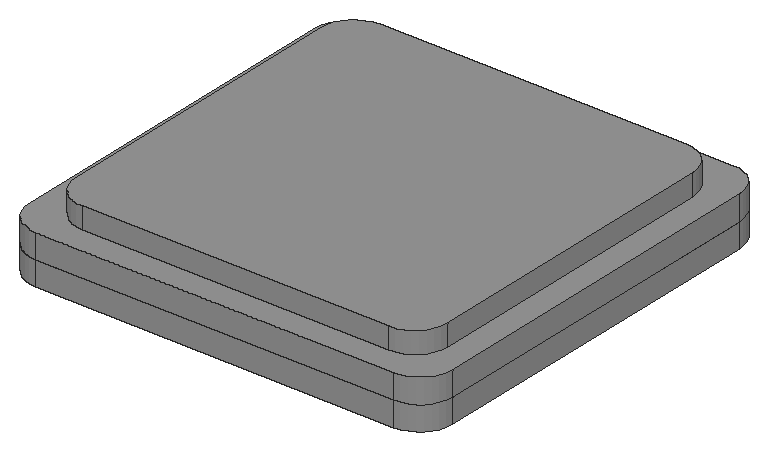
Revit family "FMS2_63_UN_Surface-mounted_ETK", category Lighting Fixtures, Revit 2019 (continued)
Definition of nested family "FMS.2 - Lightsource"
  Types (14, lengths in mm): name | Wattage Comments | Wattage | built-in parameter 1150134 | Photometric Web File | built-in parameter 1150142 | built-in parameter 1150105 | Lumens | built-in parameter 1150107 | built-in parameter 1150106 | Apparent Load
      \t791.9154\r\n786.4776\t781.0398\t775.602\t770.1642\t764.7264\t759.2886\t753.8508\t748.6992\t743.2614\t737.8236\r\n732.3858\t726.0894\t719.793\t713.2104\t706.914\t700.3314\t693.7488\t687.4524\t680.8698\t674.5734\r\n667.9908\t661.6944\t655.1118\t648.5292\t642.2328\t635.6502\t629.0676\t622.7712\t616.1886\t609.8922\r\n603.3096\t596.1546\t588.9996\t581.5584\t574.4034\t566.9622\t559.8072\t552.366\t545.211\t537.7698\r\n530.6148\t523.1736\t516.0186\t508.8636\t501.4224\t494.2674\t486.8262\t479.6712\t472.23\t465.075\r\n457.92\t450.1926\t442.4652\t434.7378\t427.0104\t419.283\t411.5556\t403.8282\t396.1008\t388.3734\r\n380.646\t372.9186\t365.1912\t357.4638\t349.7364\t341.7228\t333.9954\t326.268\t318.5406\t310.8132\r\n303.0858\t295.6446\t288.2034\t280.7622\t273.321\t265.8798\t258.41\t250.9688\t243.5276\t236.0864\r\n228.6452\t221.1754\t213.7342\t206.293\t198.8518\t191.4106\t183.9694\t176.5282\t169.0583\t161.6171\r\n154.1759\t139.3508\t123.9532\t108.527\t93.1009\t77.6747\t62.2485\t46.8509\t31.4248\t16.0043\r\n0.5838\t0\t0\t0\t0\t0\t0\t0\t0\t0\r\n0\r\n985.1004\t984.2418\t983.3832\t982.5246\t981.9522\t981.0936\t980.235\t979.3764\t978.5178\t977.6592\r\n977.0868\t976.2282\t975.3696\t974.7972\t973.9386\t973.3662\t972.5076\t971.649\t971.0766\t970.218\r\n969.6456\t967.6422\t965.3526\t962.7768\t960.4872\t957.9114\t955.6218\t953.046\t950.7564\t948.1806\r\n945.891\t943.3152\t940.7394\t938.4498\t935.874\t933.5844\t931.0086\t928.4328\t926.1432\t923.5674\r\n920.9916\t917.8434\t913.8366\t909.8298\t905.5368\t901.53\t897.5232\t893.5164\t889.2234\t884.9304\r\n880.9236\t876.6306\t872.3376\t868.3308\t864.0378\t859.7448\t855.738\t851.445\t847.4382\t843.1452\r\n838.8522\t834.5592\t829.1214\t823.6836\t818.2458\t812.808\t807.3702\t801.9324\t796.4946\t791.343\r\n785.9052\t780.4674\t775.0296\t769.878\t764.4402\t759.0024\t753.5646\t748.1268\t742.689\t737.2512\r\n731.8134\t726.3756\t719.793\t713.2104\t706.6278\t700.0452\t693.4626\t686.88\t680.5836\t674.001\r\n667.4184\t660.8358\t654.2532\t647.6706\t641.3742\t634.7916\t628.209\t621.6264\t615.33\t608.7474\r\n602.1648\t595.5822\t588.4272\t580.986\t573.831\t566.676\t559.2348\t552.0798\t544.6386\t537.4836\r\n530.0424\t522.8874\t515.7324\t508.2912\t501.1362\t493.695\t486.54\t479.0988\t471.9438\t464.7888\r\n457.3476\t449.9064\t442.179\t434.4516\t426.7242\t418.9968\t411.2694\t403.542\t395.8146\t388.0872\r\n380.0736\t372.3462\t364.6188\t356.8914\t349.164\t341.4366\t333.7092\t325.9818\t318.2544\t310.2408\r\n302.5134\t295.0722\t287.631\t280.1326\t272.6914\t265.2502\t257.809\t250.3678\t242.9552\t235.514\r\n228.0728\t220.6602\t213.219\t205.7778\t198.3652\t190.924\t183.5114\t176.0702\t168.6577\t161.2165\r\n153.8039\t140.7818\t125.4128\t110.0153\t94.6177\t79.2488\t63.8512\t48.4823\t33.0847\t17.7101\r\n2.3257\t0\t0\t0\t0\t0\t0\t0\t0\t0\r\n0\r\n985.1004\t984.2418\t983.3832\t982.5246\t981.666\t980.8074\t979.9488\t979.0902\t978.2316\t977.6592\r\n976.8006\t976.2282\t975.3696\t974.7972\t973.9386\t973.3662\t972.5076\t971.649\t971.0766\t970.218\r\n969.3594\t968.2146\t965.6388\t963.3492\t960.7734\t958.1976\t955.6218\t953.3322\t950.7564\t948.1806\r\n945.6048\t943.3152\t940.7394\t938.1636\t935.5878\t933.012\t930.15\t927.5742\t924.9984\t922.4226\r\n919.8468\t917.271\t913.8366\t909.5436\t905.5368\t901.2438\t896.9508\t892.944\t888.651\t884.6442\r\n880.3512\t876.0582\t872.0514\t867.7584\t863.7516\t859.4586\t855.4518\t851.1588\t846.8658\t842.5728\r\n838.566\t834.273\t829.6938\t824.256\t818.532\t813.0942\t807.6564\t802.2186\t796.7808\t791.0568\r\n785.619\t780.1812\t774.7434\t769.3056\t763.8678\t758.1438\t752.706\t747.2682\t741.5442\t736.1064\r\n730.6686\t725.2308\t719.793\t713.2104\t706.6278\t700.0452\t693.4626\t686.88\t680.2974\t673.7148\r\n667.1322\t660.5496\t653.967\t647.3844\t640.8018\t634.2192\t627.6366\t621.3402\t614.7576\t608.175\r\n601.5924\t595.0098\t588.4272\t580.986\t573.5448\t566.3898\t558.9486\t551.5074\t544.3524\t536.9112\r\n529.47\t522.0288\t514.8738\t507.4326\t499.9914\t492.8364\t485.3952\t477.954\t470.799\t463.3578\r\n456.2028\t448.7616\t441.3204\t433.593\t425.8656\t417.852\t410.1246\t402.3972\t394.6698\t386.9424\r\n379.215\t371.4876\t363.7602\t356.0328\t348.3054\t340.578\t332.8506\t325.1232\t317.3958\t309.6684\r\n301.941\t294.2136\t286.7724\t279.3884\t271.9759\t264.5633\t257.1507\t249.7381\t242.3255\t234.913\r\n227.5004\t220.0878\t212.7038\t205.2913\t197.9073\t190.4947\t183.1108\t175.6982\t168.3142\t160.9303\r\n153.5177\t143.5007\t128.1317\t112.7628\t97.3939\t82.0249\t66.656\t51.287\t35.9467\t20.5721\r\n5.2088\t0\t0\t0\t0\t0\t0\t0\t0\t0\r\n0\r\n985.1004\t984.2418\t983.3832\t982.5246\t981.666\t980.8074\t979.9488\t979.0902\t978.5178\t977.6592\r\n977.0868\t976.2282\t975.3696\t974.7972\t973.9386\t973.08\t972.2214\t971.3628\t970.7904\t969.9318\r\n968.787\t967.9284\t965.925\t963.3492\t960.7734\t958.1976\t955.6218\t952.7598\t950.184\t947.6082\r\n945.0324\t942.4566\t939.8808\t937.305\t934.7292\t932.1534\t929.5776\t927.0018\t924.426\t921.564\r\n918.9882\t916.4124\t913.5504\t909.8298\t905.5368\t901.53\t897.237\t892.944\t888.651\t884.6442\r\n880.3512\t876.0582\t872.0514\t867.7584\t863.7516\t859.1724\t854.8794\t850.5864\t846.0072\t841.7142\r\n837.4212\t832.842\t828.549\t824.256\t818.8182\t813.3804\t807.9426\t802.2186\t796.7808\t791.0568\r\n785.619\t779.895\t774.4572\t768.7332\t763.2954\t757.5714\t751.8474\t746.4096\t740.6856\t734.9616\r\n729.2376\t723.5136\t718.0758\t712.3518\t706.3416\t699.759\t693.1764\t686.5938\t680.0112\t673.4286\r\n666.846\t660.2634\t653.3946\t646.812\t640.2294\t633.6468\t627.0642\t620.4816\t613.6128\t607.0302\r\n600.4476\t593.865\t586.9962\t580.4136\t573.2586\t565.8174\t558.3762\t551.2212\t543.78\t536.3388\r\n528.8976\t521.7426\t514.3014\t506.8602\t499.419\t492.264\t484.8228\t477.3816\t470.2266\t462.7854\r\n455.3442\t448.1892\t440.748\t433.3068\t425.5794\t417.852\t410.1246\t402.111\t394.3836\t386.6562\r\n378.9288\t370.9152\t363.1878\t355.4604\t347.733\t339.7194\t331.992\t324.2646\t316.5372\t308.8098\r\n301.0824\t293.355\t285.7135\t278.2436\t270.8883\t263.5043\t256.1204\t248.7364\t241.3525\t233.9971\r\n226.6132\t219.2578\t211.9025\t204.5471\t197.1918\t189.8651\t182.5097\t175.183\t167.8563\t160.5296\r\n153.2029\t145.8761\t131.9954\t116.6551\t101.2862\t85.9459\t70.6055\t55.2366\t39.8963\t24.556\r\n9.2128\t0\t0\t0\t0\t0\t0\t0\t0\t0\r\n0\r\n985.1004\t984.2418\t983.3832\t982.5246\t981.3798\t980.5212\t979.9488\t979.0902\t978.5178\t977.6592\r\n977.0868\t976.2282\t975.3696\t974.511\t973.6524\t972.7938\t971.9352\t971.0766\t970.218\t969.0732\r\n967.9284\t967.0698\t965.925\t963.3492\t960.4872\t957.9114\t955.3356\t952.7598\t950.184\t947.6082\r\n945.0324\t942.1704\t939.5946\t937.0188\t934.443\t931.581\t929.0052\t926.1432\t923.5674\t920.7054\r\n918.1296\t915.5538\t912.6918\t910.116\t906.9678\t902.3886\t897.8094\t893.2302\t888.9372\t884.358\r\n880.065\t875.4858\t871.1928\t866.8998\t862.6068\t858.0276\t853.7346\t849.4416\t845.1486\t840.8556\r\n836.2764\t831.9834\t827.4042\t823.1112\t818.532\t813.9528\t808.2288\t802.5048\t796.4946\t790.7706\r\n785.0466\t779.3226\t773.8848\t768.1608\t762.4368\t756.7128\t750.9888\t745.2648\t739.5408\t733.8168\r\n728.0928\t722.3688\t716.6448\t710.9208\t705.1968\t699.4728\t693.4626\t686.5938\t680.0112\t673.1424\r\n666.2736\t659.691\t652.8222\t646.2396\t639.3708\t632.502\t625.9194\t619.0506\t612.468\t605.5992\r\n599.0166\t592.1478\t585.279\t578.6964\t571.8276\t564.9588\t558.09\t550.6488\t542.9214\t535.4802\r\n528.039\t520.5978\t513.1566\t505.7154\t498.2742\t490.833\t483.3918\t475.9506\t468.5094\t461.0682\r\n453.627\t446.472\t439.0308\t431.5896\t424.1484\t416.7072\t408.9798\t401.2524\t393.2388\t385.5114\r\n377.784\t370.0566\t362.3292\t354.3156\t346.5882\t338.8608\t331.1334\t323.1198\t315.3924\t307.665\r\n299.9376\t292.2102\t284.4256\t276.6982\t269.1711\t261.8158\t254.489\t247.1623\t239.8356\t232.5375\r\n225.2108\t217.9127\t210.6432\t203.3451\t196.0756\t188.8061\t181.5367\t174.2672\t166.9977\t159.7568\r\n152.516\t145.2751\t136.7464\t121.4347\t106.123\t90.8113\t75.4996\t60.1879\t44.8762\t29.5931\r\n14.2785\t0\t0\t0\t0\t0\t0\t0\t0\t0\r\n0\r\n985.1004\t984.2418\t983.3832\t982.2384\t981.3798\t980.8074\t979.9488\t979.3764\t978.5178\t977.6592\r\n976.8006\t975.942\t975.0834\t974.2248\t973.3662\t972.5076\t971.649\t970.5042\t969.3594\t968.2146\r\n967.0698\t965.925\t964.494\t963.3492\t960.7734\t958.1976\t955.6218\t953.046\t950.4702\t947.8944\r\n945.3186\t942.4566\t939.8808\t937.0188\t934.443\t931.581\t928.719\t925.857\t922.7088\t919.8468\r\n916.6986\t913.5504\t910.4022\t907.5402\t904.392\t901.53\t897.8094\t893.5164\t889.2234\t884.9304\r\n880.3512\t875.772\t871.479\t866.8998\t862.3206\t858.0276\t853.4484\t848.8692\t844.29\t839.7108\r\n835.1316\t830.2662\t825.687\t821.1078\t816.5286\t811.9494\t807.3702\t802.791\t797.067\t791.0568\r\n785.0466\t779.0364\t773.3124\t767.5884\t762.1506\t756.4266\t750.7026\t744.6924\t738.9684\t732.9582\r\n726.948\t721.224\t715.2138\t709.2036\t703.4796\t697.4694\t691.4592\t685.7352\t679.725\t673.1424\r\n666.2736\t659.4048\t652.536\t645.6672\t638.7984\t631.9296\t625.0608\t618.192\t611.3232\t604.4544\r\n597.5856\t590.7168\t583.848\t576.9792\t570.1104\t563.5278\t556.659\t549.7902\t543.2076\t535.4802\r\n528.039\t520.3116\t512.5842\t505.143\t497.7018\t489.9744\t482.5332\t475.092\t467.3646\t459.9234\r\n452.4822\t444.7548\t437.3136\t429.8724\t422.4312\t414.99\t407.5488\t399.8214\t392.094\t384.3666\r\n376.6392\t368.6256\t360.8982\t353.1708\t345.1572\t337.4298\t329.7024\t321.975\t314.2476\t306.5202\r\n298.7928\t291.0654\t283.1949\t275.4675\t267.7401\t260.0413\t252.7432\t245.4737\t238.2043\t230.9634\r\n223.6939\t216.4817\t209.2408\t202.0286\t194.8163\t187.6327\t180.4491\t173.2655\t166.0819\t158.9269\r\n151.7432\t144.5882\t137.4332\t127.3304\t112.0473\t96.7642\t81.4811\t66.1981\t50.915\t35.6605\r\n20.3803\t5.1058\t0\t0\t0\t0\t0\t0\t0\t0\r\n0\r\n985.1004\t984.2418\t983.097\t982.2384\t981.3798\t980.8074\t980.235\t979.3764\t978.5178\t977.6592\r\n976.8006\t975.942\t975.0834\t974.2248\t973.3662\t972.2214\t971.0766\t969.9318\t968.5008\t967.356\r\n966.2112\t964.7802\t963.6354\t962.4906\t961.3458\t959.3424\t956.4804\t953.9046\t951.3288\t948.4668\r\n945.6048\t943.029\t939.8808\t937.0188\t933.8706\t930.7224\t927.5742\t924.426\t921.564\t918.4158\r\n915.2676\t912.4056\t909.2574\t906.1092\t902.961\t899.8128\t896.6646\t893.8026\t890.6544\t886.0752\r\n881.496\t876.9168\t872.3376\t867.7584\t863.1792\t858.3138\t853.7346\t848.8692\t844.0038\t839.1384\r\n833.9868\t829.1214\t824.256\t819.6768\t815.0976\t810.5184\t805.653\t800.7876\t795.636\t790.7706\r\n785.619\t779.895\t773.8848\t767.8746\t761.8644\t755.8542\t749.844\t743.8338\t737.8236\t731.8134\r\n725.8032\t719.793\t713.7828\t707.4864\t701.4762\t695.1798\t689.1696\t683.1594\t677.4354\t671.4252\r\n665.415\t659.4048\t652.8222\t645.6672\t638.5122\t631.6434\t624.4884\t617.6196\t610.7508\t603.5958\r\n596.727\t589.8582\t582.7032\t575.8344\t568.9656\t561.8106\t554.9418\t547.7868\t540.918\t533.763\r\n526.8942\t519.7392\t512.0118\t504.5706\t496.8432\t489.1158\t481.6746\t473.9472\t466.2198\t458.7786\r\n451.0512\t443.61\t436.1688\t428.4414\t421.0002\t413.2728\t405.8316\t398.3904\t390.663\t383.2218\r\n375.4944\t367.767\t359.7534\t352.026\t344.0124\t336.285\t328.5576\t320.544\t312.8166\t305.0892\r\n297.3618\t289.6344\t281.9356\t274.2368\t266.5381\t258.8393\t251.1691\t243.6134\t236.4012\t229.2176\r\n222.034\t214.879\t207.724\t200.5976\t193.4712\t186.3448\t179.2471\t172.1493\t165.0515\t157.9824\r\n150.9133\t143.8441\t136.8036\t129.7631\t119.1164\t103.862\t88.5789\t73.2958\t58.0414\t42.7583\r\n27.501\t12.2379\t0\t0\t0\t0\t0\t0\t0\t0\r\n0\r\n985.1004\t984.2418\t983.097\t982.2384\t981.666\t981.0936\t980.235\t979.3764\t978.5178\t977.6592\r\n976.8006\t975.942\t975.0834\t974.2248\t972.7938\t971.649\t970.5042\t969.0732\t967.9284\t966.7836\r\n965.6388\t964.494\t963.063\t961.9182\t960.4872\t959.3424\t957.6252\t954.7632\t951.9012\t949.0392\r\n945.6048\t942.4566\t939.5946\t936.4464\t933.2982\t930.4362\t927.288\t924.1398\t920.9916\t917.8434\r\n914.6952\t911.547\t908.3988\t905.2506\t902.1024\t898.9542\t895.806\t892.6578\t889.2234\t885.789\r\n882.0684\t878.3478\t873.1962\t868.3308\t863.1792\t858.6\t853.7346\t848.8692\t844.0038\t839.1384\r\n834.273\t829.1214\t823.9698\t818.8182\t813.9528\t808.8012\t803.6496\t798.498\t793.3464\t788.481\r\n783.3294\t778.464\t773.0262\t767.5884\t762.1506\t755.8542\t749.5578\t743.5476\t737.2512\t731.241\r\n725.2308\t718.9344\t712.9242\t706.6278\t700.3314\t694.035\t688.0248\t681.7284\t675.7182\t669.4218\r\n663.4116\t657.1152\t650.8188\t644.5224\t638.226\t632.2158\t625.0608\t617.9058\t610.7508\t603.5958\r\n596.4408\t588.9996\t581.8446\t574.6896\t567.5346\t560.3796\t553.2246\t546.0696\t538.9146\t531.7596\r\n524.6046\t517.7358\t510.2946\t503.1396\t495.9846\t488.2572\t480.5298\t472.8024\t465.3612\t457.6338\r\n449.9064\t442.4652\t434.7378\t427.0104\t419.5692\t411.8418\t404.4006\t396.6732\t388.9458\t381.5046\r\n373.7772\t366.0498\t358.6086\t350.8812\t342.8676\t335.1402\t327.1266\t319.3992\t311.6718\t303.9444\r\n296.217\t288.4896\t280.6477\t272.9489\t265.2502\t257.5514\t249.9098\t242.2397\t234.6268\t227.0997\r\n219.9733\t212.8756\t205.8064\t198.7659\t191.7254\t184.7135\t177.7016\t170.7183\t163.735\t156.7804\r\n149.8257\t142.871\t135.945\t129.019\t122.1215\t111.9901\t96.707\t81.4239\t66.1408\t50.8577\r\n35.6033\t20.3288\t5.0629\t0\t0\t0\t0\t0\t0\t0\r\n0\r\n985.1004\t984.2418\t983.3832\t982.2384\t981.666\t981.0936\t980.235\t979.3764\t978.5178\t977.6592\r\n977.0868\t976.2282\t975.0834\t973.9386\t972.5076\t971.3628\t969.9318\t968.787\t967.6422\t966.4974\r\n965.3526\t963.9216\t962.4906\t961.0596\t959.3424\t957.9114\t956.1942\t954.1908\t952.1874\t949.0392\r\n946.1772\t943.029\t939.8808\t936.7326\t933.5844\t930.4362\t927.5742\t924.426\t921.2778\t917.8434\r\n914.6952\t911.547\t908.1126\t904.9644\t901.53\t897.8094\t894.375\t890.3682\t886.6476\t882.927\r\n879.4926\t875.772\t872.0514\t868.3308\t864.6102\t860.031\t854.8794\t849.7278\t844.5762\t839.4246\r\n834.273\t829.1214\t823.9698\t819.1044\t813.9528\t808.515\t802.791\t797.067\t791.9154\t786.4776\r\n781.326\t775.8882\t770.7366\t765.2988\t759.861\t754.4232\t749.2716\t743.5476\t738.1098\t732.0996\r\n725.8032\t719.5068\t712.9242\t706.6278\t700.3314\t693.7488\t687.4524\t681.156\t674.5734\t667.9908\r\n661.6944\t655.1118\t648.5292\t642.2328\t635.6502\t629.3538\t623.0574\t616.4748\t609.8922\t603.5958\r\n596.727\t589.2858\t581.8446\t574.4034\t567.2484\t559.8072\t552.6522\t545.211\t537.7698\t530.3286\r\n522.8874\t515.7324\t508.2912\t500.85\t493.695\t486.54\t479.385\t472.23\t465.075\t457.6338\r\n449.6202\t441.8928\t433.8792\t425.8656\t418.1382\t410.1246\t402.3972\t394.6698\t387.2286\t379.5012\r\n371.7738\t364.0464\t356.319\t348.5916\t340.8642\t333.423\t325.6956\t317.682\t309.9546\t302.2272\r\n294.4998\t286.7724\t278.9878\t271.2604\t263.5616\t255.8914\t248.2499\t240.6083\t233.024\t225.4397\r\n217.8841\t210.357\t203.2879\t196.3332\t189.4072\t182.4811\t175.5837\t168.7149\t161.8747\t155.0632\r\n148.2516\t141.4687\t134.6857\t127.9314\t121.1771\t114.4514\t105.894\t90.5823\t75.2706\t59.9589\r\n44.6758\t29.3641\t14.0696\t0\t0\t0\t0\t0\t0\t0\r\n0\r\n985.1004\t984.2418\t983.3832\t982.5246\t981.9522\t981.3798\t980.5212\t979.6626\t978.804\t977.9454\r\n977.0868\t976.2282\t975.0834\t973.6524\t972.5076\t971.0766\t969.9318\t968.787\t967.6422\t966.2112\r\n964.7802\t963.3492\t961.632\t959.9148\t958.1976\t956.4804\t954.477\t952.4736\t950.4702\t948.4668\r\n946.4634\t943.8876\t940.7394\t937.8774\t935.0154\t931.581\t928.4328\t924.9984\t921.8502\t918.4158\r\n915.2676\t911.547\t908.1126\t904.392\t900.3852\t896.6646\t892.944\t889.2234\t885.5028\t881.496\r\n877.7754\t873.7686\t869.7618\t865.755\t861.7482\t857.4552\t853.4484\t849.7278\t845.721\t841.7142\r\n835.9902\t830.2662\t824.8284\t819.3906\t814.239\t808.8012\t803.0772\t797.6394\t792.2016\t786.7638\r\n781.326\t775.3158\t769.5918\t763.8678\t758.43\t752.706\t747.2682\t741.5442\t736.1064\t730.3824\r\n724.6584\t718.6482\t712.9242\t707.2002\t701.4762\t694.6074\t688.0248\t681.4422\t674.5734\t667.9908\r\n661.122\t654.2532\t647.3844\t640.5156\t633.6468\t627.3504\t620.7678\t614.1852\t607.3164\t600.4476\r\n593.5788\t586.9962\t580.4136\t573.5448\t566.9622\t560.3796\t552.6522\t544.9248\t537.4836\t530.0424\r\n522.315\t514.8738\t507.1464\t499.7052\t492.264\t484.8228\t477.3816\t469.9404\t462.213\t454.7718\r\n447.3306\t440.1756\t432.7344\t425.2932\t417.5658\t409.5522\t401.5386\t393.525\t385.5114\t377.784\r\n370.0566\t362.043\t354.3156\t346.5882\t338.8608\t331.4196\t323.6922\t315.9648\t308.5236\t300.7962\r\n293.0688\t285.3414\t277.5854\t269.8294\t262.102\t254.4318\t246.7616\t239.1487\t231.5644\t224.0087\r\n216.5103\t209.0405\t201.5993\t194.1581\t186.9458\t180.1343\t173.3513\t166.6256\t159.8999\t153.2029\r\n146.5344\t139.8659\t133.1975\t126.5576\t119.9178\t113.3352\t106.724\t100.1414\t85.3448\t69.9759\r\n54.6356\t39.2953\t23.9464\t8.6203\t0\t0\t0\t0\t0\t0\r\n0\r\n985.1004\t984.2418\t983.3832\t982.5246\t981.9522\t981.3798\t980.5212\t979.6626\t978.804\t978.2316\r\n977.373\t976.2282\t975.0834\t973.6524\t972.2214\t971.0766\t969.9318\t969.0732\t967.356\t965.925\r\n964.494\t962.4906\t960.7734\t959.0562\t957.339\t955.3356\t953.3322\t951.3288\t949.0392\t946.7496\r\n944.7462\t942.7428\t940.7394\t938.4498\t936.1602\t933.012\t929.5776\t926.4294\t922.995\t919.2744\r\n915.5538\t911.8332\t908.1126\t904.392\t900.6714\t896.6646\t892.6578\t888.651\t884.6442\t880.6374\r\n876.3444\t872.3376\t868.3308\t864.324\t860.3172\t855.738\t851.1588\t846.5796\t842.5728\t838.2798\r\n833.7006\t829.1214\t824.5422\t819.963\t815.67\t810.8046\t804.7944\t798.7842\t793.0602\t787.6224\r\n781.8984\t776.1744\t770.4504\t764.4402\t758.43\t752.4198\t746.4096\t740.3994\t734.6754\t728.6652\r\n722.655\t716.931\t710.6346\t704.6244\t698.328\t692.0316\t685.7352\t679.725\t674.001\t667.9908\r\n661.6944\t654.8256\t647.6706\t641.088\t634.2192\t627.3504\t620.1954\t613.0404\t606.1716\t599.0166\r\n592.1478\t584.9928\t577.8378\t570.969\t564.1002\t557.2314\t550.3626\t543.4938\t536.3388\t529.47\r\n522.315\t515.16\t507.7188\t499.7052\t491.9778\t484.2504\t476.523\t468.7956\t461.0682\t453.3408\r\n445.6134\t437.886\t430.4448\t422.7174\t414.99\t407.5488\t399.8214\t392.3802\t384.939\t377.2116\r\n369.19
